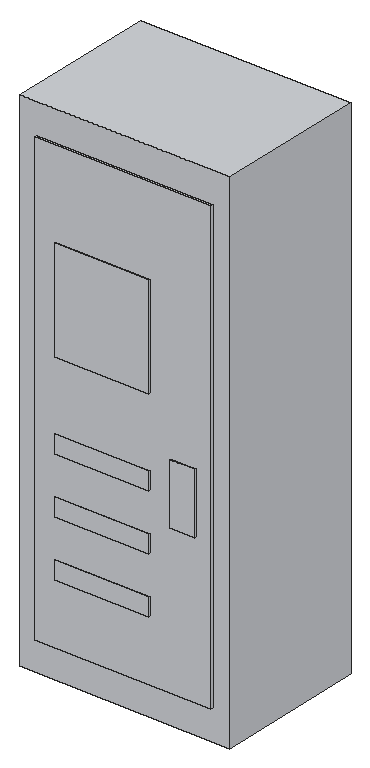
Revit family "GIS_AuxiliaryPanelDC", category Equipamento elétrico, Revit 2027
Family settings
  Configuração do painel = Duas colunas, circuitos transversais
  Cota do conector redondo = Utilizar diâmetro
  Tipo de parte = Painel de controle
  Com base no plano de trabalho = Não
  Sempre na vertical = Sim
  Corte com vazios quando carregada = Não
  Manter orientação da anotação = Não
  Compartilhado = Não
  Ponto de cálculo do ambiente = Não
Parameters (values of type "AUX_PANEL_125VDC_STUDY")
  Default Elevation = 0 mm
  built-in parameter 1140142 [instance] = (empty or 0)
  built-in parameter 1140140 [instance] = 1 (stored number, unit not read)
  BIM_TensaoSecundaria_kV = 0
  BIM_TensaoNominal_kV = 0.125
  BIM_TensaoClasse_kV = 0.125
  BIM_TensaoClasseSecundaria_kV = 0
  BIM_TensaoAuxiliarCA_kV = 0
  BIM_Sistema_Elemento [instance] = ""
  BIM_ReferenciaCatalogo = "Portfolio study assumption: 125 V DC; battery mission pending"
  BIM_Profundidade = 650 mm
  BIM_Potencia_MVA = 0
  BIM_Localizacao [instance] = ""
  BIM_Largura = 900 mm
  BIM_Impedancia_pu = 0
  BIM_FonteGeometria = "Portfolio study assumption: 125 V DC; battery mission pending"
  BIM_Fabricante = "NAO SELECIONADO"
  BIM_EstadoGeometria = "ESTIMATED"
  BIM_EstadoEspecificacao = "PREMISSA / NAO SELECIONADO"
  BIM_DescricaoEstudo = "Quadro de servicos auxiliares CC conceitual; 125 V e premissa nao aprovada."
  BIM_CorrenteReferenciaSecundaria_A = 0
  BIM_CorrenteNominal_A = 0
  BIM_Bay [instance] = ""
  BIM_AlturaCorpoPrincipal = 2200 mm
  BIM_Altura = 2200 mm
  built-in parameter 1155100 [instance] = (empty or 0)
Reference planes
  plane 1 "Centro (Frente/Trás)": y = 0
  plane 2: z = 0
  plane 3 "Centro (Esquerda/Direita)": x = 0
  plane 4 "BIM Left": x = -450
  plane 5 "BIM Right": x = 450
  plane 6 "BIM Front": y = -325
  plane 7 "BIM Back": y = 325
Forms (mm)
  Extrusion 1, solid
    sketch origin (0, 0, 0) x (1, 0, 0) y (0, 1, 0)
      loop
        line (-450, -325) -> (450, -325) -> (450, 325) -> (-450, 325) -> (-450, -325)
    from 0 to 2200 <- "BIM_AlturaCorpoPrincipal"
  Extrusion 2, solid
    sketch origin (0, 0, 132) x (1, 0, 0) y (0, 1, 0)
      loop
        line (-378, -337.192) -> (378, -337.192) -> (378, -325) -> (-378, -325) -> (-378, -337.192)
    from 0 to 1936
  Extrusion 3, solid
    sketch origin (0, 0, 1254) x (1, 0, 0) y (0, 1, 0)
      loop
        line (-288, -343.288) -> (117, -343.288) -> (117, -325) -> (-288, -325) -> (-288, -343.288)
    from 0 to 440
  Extrusion 4, solid
    sketch origin (0, 0, 396) x (1, 0, 0) y (0, 1, 0)
      loop
        line (-288, -341.764) -> (117, -341.764) -> (117, -325) -> (-288, -325) -> (-288, -341.764)
    from 0 to 77
  Extrusion 5, solid
    sketch origin (0, 0, 638) x (1, 0, 0) y (0, 1, 0)
      loop
        line (-288, -341.764) -> (117, -341.764) -> (117, -325) -> (-288, -325) -> (-288, -341.764)
    from 0 to 77
  Extrusion 6, solid
    sketch origin (0, 0, 880) x (1, 0, 0) y (0, 1, 0)
      loop
        line (-288, -341.764) -> (117, -341.764) -> (117, -325) -> (-288, -325) -> (-288, -341.764)
    from 0 to 77
  Extrusion 7, solid
    sketch origin (0, 0, 770) x (1, 0, 0) y (0, 1, 0)
      loop
        line (207, -341.764) -> (315, -341.764) -> (315, -325) -> (207, -325) -> (207, -341.764)
    from 0 to 264
Dimensions and locks
  "BIM_Largura": plane 4 "BIM Left" to plane 5 "BIM Right"
  "BIM_Profundidade": plane 6 "BIM Front" to plane 7 "BIM Back"
  aligned and locked: level to plane 2
  aligned and locked: plane 4 "BIM Left" to Extrusion 1
  aligned and locked: Extrusion 1 to plane 5 "BIM Right"
  aligned and locked: Extrusion 1 to plane 6 "BIM Front"
  aligned and locked: plane 7 "BIM Back" to Extrusion 1
Automatic sketch dimensions
  Extrusion 1 sketch curve to plane 4 "BIM Left" = 0 mm
  Extrusion 1 sketch curve to plane 5 "BIM Right" = 0 mm
  Extrusion 1 sketch curve to plane 6 "BIM Front" = 0 mm
  Extrusion 1 sketch curve to plane 7 "BIM Back" = 0 mm
  Extrusion 2 sketch curve to plane 6 "BIM Front" = 0 mm
  Extrusion 2 sketch curve to plane 6 "BIM Front" = 12.192 mm
  Extrusion 2 sketch curve to plane 4 "BIM Left" = 72 mm
  plane 5 "BIM Right" to Extrusion 2 sketch curve = 72 mm
  Extrusion 3 sketch curve to plane 6 "BIM Front" = 0 mm
  Extrusion 3 sketch curve to plane 6 "BIM Front" = 18.288 mm
  Extrusion 3 sketch curve to plane 4 "BIM Left" = 162 mm
  plane 3 "Centro (Esquerda/Direita)" to Extrusion 3 sketch curve = 117 mm
  Extrusion 4 sketch curve to plane 6 "BIM Front" = 0 mm
  Extrusion 4 sketch curve to plane 6 "BIM Front" = 16.764 mm
  Extrusion 4 sketch curve to plane 4 "BIM Left" = 162 mm
  plane 3 "Centro (Esquerda/Direita)" to Extrusion 4 sketch curve = 117 mm
  Extrusion 5 sketch curve to plane 6 "BIM Front" = 0 mm
  Extrusion 5 sketch curve to plane 6 "BIM Front" = 16.764 mm
  Extrusion 5 sketch curve to plane 4 "BIM Left" = 162 mm
  plane 3 "Centro (Esquerda/Direita)" to Extrusion 5 sketch curve = 117 mm
  Extrusion 6 sketch curve to plane 6 "BIM Front" = 0 mm
  Extrusion 6 sketch curve to plane 6 "BIM Front" = 16.764 mm
  Extrusion 6 sketch curve to plane 4 "BIM Left" = 162 mm
  plane 3 "Centro (Esquerda/Direita)" to Extrusion 6 sketch curve = 117 mm
  Extrusion 7 sketch curve to plane 6 "BIM Front" = 0 mm
  Extrusion 7 sketch curve to plane 6 "BIM Front" = 16.764 mm
  plane 3 "Centro (Esquerda/Direita)" to Extrusion 7 sketch curve = 207 mm
  Extrusion 7 sketch curve to Extrusion 7 sketch curve = 108 mm
